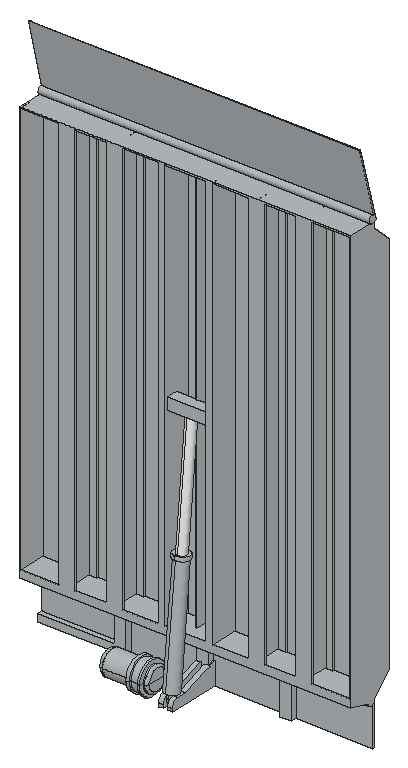
Revit family "DockEquipment_Leveler_Pentalift_HUV", category Specialty Equipment, host Face, Revit 2026
Family settings
  Host = Face
  Round Connector Dimension = Use Diameter
  Part Type = Normal
  Enable Cutting in Views = No
  Cut with Voids When Loaded = No
  Maintain Annotation Orientation = No
  Shared = No
  Room Calculation Point = No
Parameters
  YTotal [instance] = InclHeight + Unit Depth - 0' 2 1/4"  # 4' - 5 15/16"
  XDim [instance] = ((((Platform Length / 2) - 0' 0 3/4") * cos(Incline Angle)) + (0' 3 3/4" * sin(Incline Angle))) - 0' 10 1/8" + 0' 0 3/4"  # -0' - 5 5/8"
  Warranty Duration (Years) = 0
  Unit Width = 6' - 0"
  Unit Depth = 0' - 10"
  URL = "http://www.pentalift.com/index.php"
  Test Data = ""
  Specification = ""
  SpecWizard = ""
  Send Message = "http://www.arcat.com/users.pl?action=UserEmail&company=Pentalift Equipment Corp.&coid=34752&rep=119&fax=519-763-2894&mf="
  Sales Information = "http://www.pentalift.com/about-us.htm"
  Revision = "R1_1_2012"
  Product Properties = ""
  Product Data = "http://www.arcat.com/arcatcos/cos34/arc34752.html"
  Pit Length = 8' - 0"
  PistonAngle [instance] = if(PA < 0.00°, (90.00° - abs(PA)) + 90.00°, PA)  # 95.9537°
  Piston Length [instance] = abs(XDim / cos(PA))  # 4' - 6.23002"
  PL/2 [instance] = Piston Length / 2  # 2' - 3.11501"
  Platform Length = 7' - 9 7/8"
  PA [instance] = atan(YTotal / XDim)  # -84.0463°
  Model = "As Specified"
  Material = Metal - Steel - Pentalift - Painted - Gray
  Manufacturer Website = "http://www.pentalift.com/index.php"
  Manufacturer Phone - Toll Free = ""
  Manufacturer Phone = "519-763-3625"
  Manufacturer Fax = "519-763-2894"
  Manufacturer Address = "21 Nicholas Beaver Rd. Guelph, ON, Canada N1H 6H9 "
  Manufacturer = "Pentalift Equipment Corp."
  Maintenance Schedule (Months) = 0
  Lip Length [instance] = 1' - 4"
  Lip Angle [instance] = 0.00°
  Keynote = "11160"
  Installation-Fabrication = ""
  Installation Phase = ""
  Incline Angle [instance] = 90.00°
  InclHeight [instance] = (((Platform Length / 2) - 0' 0 3/4") * sin(Incline Angle)) - (0' 3 3/4" * cos(Incline Angle))  # 3' - 10 3/16"
  Green Building-LEED = ""
  Pit Extension Right [instance] = 0' - 0"
  Pit Extension Left [instance] = 0' - 0"
  Expected Lifespan (Years) = 0
  Drawn By = "Sumex Design, Inc. / Robert S. Weygant, CSI, CDT, SCIP"
  Description = "Pentalift Dock Equipment as Specified"
  Default Elevation = 4' - 0"
  Copyright = "©Arcat Inc."
  Construction Details = "http://www.arcat.com/details/pentalif/pentalif.html?coid=34752"
  Capacity (Weight) = 100.00 kip
  Building Codes = ""
  Assembly Code = "E1030300"
Reference planes (in)
  plane 1 "Center (Front/Back)": y = 0
  plane 2: z = 0
  plane 3 "Center (Left/Right)": x = 0
  plane 4: y = 48
  plane 5: y = -48
  plane 6: x = -36
  plane 7: x = 36
  plane 8: z = -10
  plane 9: x = -18
  plane 10: x = 18
  plane 11: y = 37.875
  plane 12: z = -8.5
  plane 13: z = -6
  plane 14: x = -36
  plane 15: x = 36
Forms (in)
  Extrusion 1, void
    sketch origin (0, 0, 0) x (1, 0, 0) y (0, 1, 0)
      loop
        line (-36, -48) -> (36, -48) -> (36, 48) -> (-36, 48) -> (-36, -48)
    from 0 to -10
  Sweep 2, solid, material "Metal - Steel - Pentalift - Painted - Gray" <- "Material"
    path origin (-11.83813, 48, 48) x (-1, 0, 0) y (0, 0, 1)
      loop
        line (6.16187, -58) -> (6.16187, -49.5)
    profile origin (-18, 48, -5.75) x (1, 0, 0) y (0, 1, 0)
      loop
        line (-1.25, -0.25) -> (-1.25, -1.5) -> (1.25, -1.5) -> (1.25, -0.25) -> (-1.25, -0.25)
  Sweep 3, solid, material "Metal - Steel - Pentalift - Painted - Gray" <- "Material"
    path origin (24.16187, 48, 48) x (-1, 0, 0) y (0, 0, 1)
      loop
        line (6.16187, -58) -> (6.16187, -49.5)
    profile origin (18, 48, -5.75) x (1, 0, 0) y (0, 1, 0)
      loop
        line (-1.25, -0.25) -> (-1.25, -1.5) -> (1.25, -1.5) -> (1.25, -0.25) -> (-1.25, -0.25)
  Revolve 4, solid, material "Metal - Steel - Pentalift - Painted - Gray" <- "Material"
    sketch origin (0, 37.875, -8.5) x (0, 0.103725, 0.994606) y (0, -0.994606, 0.103725)
      loop
        line (1.25, 0) -> (27.11501, 0) -> (27.11501, 1.75) -> (26.36501, 1.75) -> (26.36501, 1.5) -> (1.25, 1.5) -> (1.25, 0)
      axis (1.25, 0) -> (27.11501, 0)
    angle from 0 to 360
  Revolve 5, solid, material "Metal - Chrome - Pentalift - Polished"
    sketch origin (0, 37.875, -8.5) x (0, 0.103725, 0.994606) y (0, -0.994606, 0.103725)
      loop
        line (27.11501, 0) -> (54.23002, 0) -> (54.23002, 1) -> (27.11501, 1) -> (27.11501, 0)
      axis (27.11501, 0) -> (54.23002, 0)
    angle from 0 to 360
  Extrusion 6, solid, material "Metal - Steel - Pentalift - Painted - Gray" <- "Material"
    sketch origin (-11.83813, 48, 48) x (-1, 0, 0) y (0, 0, 1)
      loop
        line (24.16187, -49.5) -> (-47.83813, -49.5) -> (-47.83813, -58) -> (24.16187, -58) -> (24.16187, -49.5)
    from 0 to -0.25
  Extrusion 7, solid, material "Metal - Steel - Pentalift - Painted - Gray" <- "Material"
    sketch origin (-15.17702, -180, -10) x (-1, 0, 0) y (0, -1, 0)
      loop
        line (4.07298, -226.5) -> (4.07298, -227.75) -> (20.82298, -227.75) -> (20.82298, -226.5) -> (4.07298, -226.5)
    from 0 to 1.5
  Extrusion 8, solid, material "Metal - Steel - Pentalift - Painted - Gray" <- "Material"
    sketch origin (0, 0, 0) x (0, 1, 0) y (0, 0, 1)
      loop
        line (48, -10) -> (48, -4.90162) -> (39.87356, -7.875) -> (37.875, -7.875)
        arc (37.875, -7.875) -> (36.81434, -8.31434) -> (36.375, -9.375) r 1.5
        line (36.375, -9.375) -> (36.375, -10) -> (48, -10)
    from 0.5 to 1.5
  Sweep 9, solid, material "Metal - Steel - Pentalift - Painted - Gray" <- "Material"
    path origin (6.16187, 48, 48) x (-1, 0, 0) y (0, 0, 1)
      loop
        line (6.16187, -58) -> (6.16187, -49.5)
    profile origin (0, 48, -5.75) x (1, 0, 0) y (0, 1, 0)
      loop
        line (-1.25, -0.25) -> (-1.25, -1.5) -> (1.25, -1.5) -> (1.25, -0.25) -> (-1.25, -0.25)
  Revolve 10, solid, material "Metal - Steel - Pentalift - Painted - Gray" <- "Material"
    sketch origin (19.5, -180, -6) x (-1, 0, 0) y (0, -1, 0)
      loop
        line (22.5, -217.875) -> (22.5, -220.125)
        arc (22.5, -220.125) -> (22.64645, -220.47855) -> (23, -220.625) r 0.5
        line (23, -220.625) -> (23.5, -220.625) -> (23.5, -221.375) -> (24, -221.375) -> (24, -221.125) -> (25.75, -221.125) -> (25.75, -221.375) -> (26.5, -221.375) -> (26.5, -220.625) -> (32.25, -220.625)
        arc (32.25, -220.625) -> (32.95711, -220.33211) -> (33.25, -219.625) r 1
        line (33.25, -219.625) -> (33.25, -217.875) -> (22.5, -217.875)
      axis (22.5, -217.875) -> (33.25, -217.875)
    angle from 0 to 360
  Extrusion 11, solid, material "Metal - Steel - Pentalift - Painted - Gray" <- "Material"
    sketch origin (0, 37.875, -8.5) x (0, 0.103725, 0.994606) y (0, -0.994606, 0.103725)
      loop
        line (1.25, 1) -> (0, 1)
        arc (0, 1) -> (-1, 0) -> (0, -1) r 1
        line (0, -1) -> (1.25, -1) -> (1.25, 1)
    from -0.25 to 0.25
  Extrusion 12, solid, material "Metal - Steel - Pentalift - Painted - Gray" <- "Material"
    sketch origin (0, 0, 0) x (0, 1, 0) y (0, 0, 1)
      loop
        line (48, -10) -> (48, -4.90162) -> (39.87356, -7.875) -> (37.875, -7.875)
        arc (37.875, -7.875) -> (36.81434, -8.31434) -> (36.375, -9.375) r 1.5
        line (36.375, -9.375) -> (36.375, -10) -> (48, -10)
    from -0.5 to -1.5
Cuts and joins
  joined: Sweep 2, Sweep 3, Extrusion 6, Extrusion 7, Extrusion 8, Sweep 9, Extrusion 12
  joined: Revolve 4, Extrusion 11
Lines and regions (in)
  reference lines
    curve 1: line (0, 47.25, -0.75) -> (0, 47.25, 75.25)
    curve 2: line (0, 37.875, -8.5) -> (0, 43.37242, 44.21412)
Text (in)
  text "Needs electrical connection - assume this would connect to hydraulic motor..." at (51.60765, 15.26914, 0), in view "Ref. Level"
Dimensions and locks (in)
  "Unit Depth": level to plane 8
  equal spacing: plane 4, plane 1 "Center (Front/Back)", plane 5
  equal spacing: plane 6, plane 3 "Center (Left/Right)", plane 7
  "Unit Width": plane 6 to plane 7
  equal spacing: plane 6, plane 9, plane 3 "Center (Left/Right)"
  locked: plane 4 to plane 11 at 10.125
  locked: plane 12 to plane 8 at 1.5
  equal spacing: plane 3 "Center (Left/Right)", plane 10, plane 7
  "PL/2": curve 2 to Revolve 4 sketch curve
  locked: Revolve 4 sketch curve to Revolve 4 sketch curve at 0.75
  "PL/2": Revolve 5 sketch curve to curve 2
  "Piston Length": curve 2 to Revolve 5 sketch curve
  locked: plane 13 to plane 12 at 2.5
  "Pit Length": plane 4 to plane 5
  "Pit Extension Right": plane 7 to plane 15
  "Pit Extension Left": plane 14 to plane 6
  locked: plane 4 to curve 1 at 0.75
  locked: level to curve 1 at 0.75
  locked: Revolve 10 sketch curve to plane 3 "Center (Left/Right)" at 13.75
  "Incline Angle": angle level to curve 1
  "PistonAngle": angle plane 12 to curve 2
  aligned and locked: plane 2 to host face
  aligned and locked: level to host face
  aligned and locked: Extrusion 1 to plane 8
Automatic sketch dimensions
  host sketch curve to host sketch curve = 8' - 0"
  host sketch curve to host sketch curve = 9' - 11.43093"
  Extrusion 1 sketch curve to plane 4 = 0' - 0"
  Extrusion 1 sketch curve to plane 14 = 0' - 0"
  Extrusion 1 sketch curve to plane 5 = 0' - 0"
  Extrusion 1 sketch curve to plane 15 = 0' - 0"
  curve 2 to plane 11 = 0' - 0"
  curve 2 to plane 12 = 0' - 0"
  Sweep 2 sketch curve to plane 9 = 0' - 0"
  Sweep 2 sketch curve to plane 8 = 0' - 0"
  Sweep 2 sketch curve to level = 0' - 1 1/2"
  profile plane to Sweep 2 sketch curve = 0' - 1 1/4"
  Sweep 2 sketch curve to profile plane = 0' - 1 1/4"
  Sweep 2 sketch curve to plane 4 = 0' - 1 1/2"
  Sweep 2 sketch curve to plane 4 = 0' - 0 1/4"
  Sweep 3 sketch curve to plane 10 = 0' - 0"
  Sweep 3 sketch curve to plane 8 = 0' - 0"
  Sweep 3 sketch curve to level = 0' - 1 1/2"
  profile plane to Sweep 3 sketch curve = 0' - 1 1/4"
  Sweep 3 sketch curve to profile plane = 0' - 1 1/4"
  Sweep 3 sketch curve to plane 4 = 0' - 1 1/2"
  Sweep 3 sketch curve to plane 4 = 0' - 0 1/4"
  Revolve 5 sketch curve to curve 2 = 0' - 0"  (x2)
  Revolve 5 sketch curve to curve 2 = 0' - 1"
  Revolve 5 sketch curve to Revolve 5 sketch curve = 0' - 5 1/2"
  Revolve 5 sketch curve to Revolve 5 sketch curve = 0' - 1"
  Extrusion 6 sketch curve to plane 7 = 0' - 0"
  Extrusion 6 sketch curve to plane 6 = 0' - 0"
  Extrusion 6 sketch curve to plane 8 = 0' - 0"
  Extrusion 6 sketch curve to level = 0' - 1 1/2"
  Extrusion 7 sketch curve to plane 6 = 0' - 0"
  Extrusion 7 sketch curve to plane 9 = 0' - 1 1/4"
  Extrusion 7 sketch curve to plane 4 = 0' - 0 1/4"
  Extrusion 7 sketch curve to Extrusion 7 sketch curve = 0' - 1 1/4"
  Sweep 9 sketch curve to plane 3 "Center (Left/Right)" = 0' - 0"
  Sweep 9 sketch curve to plane 8 = 0' - 0"
  Sweep 9 sketch curve to level = 0' - 1 1/2"
  profile plane to Sweep 9 sketch curve = 0' - 1 1/4"
  Sweep 9 sketch curve to profile plane = 0' - 1 1/4"
  Sweep 9 sketch curve to plane 4 = 0' - 1 1/2"
  Sweep 9 sketch curve to plane 4 = 0' - 0 1/4"
  Extrusion 8 sketch curve to plane 8 = 0' - 0"
  Extrusion 11 sketch curve to curve 2 = 0' - 0"  (x3)
  curve 2 to Extrusion 11 sketch curve = 0' - 1"
  curve 2 to Extrusion 11 sketch curve = 0' - 1 1/4"
  Extrusion 12 sketch curve to plane 8 = 0' - 0"
  Extrusion 12 sketch curve to plane 11 = 0' - 0"
  Extrusion 12 sketch curve to plane 4 = 0' - 0"
  Extrusion 12 sketch curve to plane 13 = 0' - 1 7/8"
  Extrusion 12 sketch curve to plane 4 = 0' - 8.12644"
  plane 13 to Extrusion 12 sketch curve = 0' - 1.09838"
  Extrusion 12 sketch curve to plane 12 = 0' - 0 7/8"
  Revolve 4 sketch curve to curve 2 = 0' - 0"  (x2)
  curve 2 to Revolve 4 sketch curve = 0' - 1 1/4"
  Revolve 4 sketch curve to curve 2 = 0' - 1"
  Revolve 4 sketch curve to Revolve 4 sketch curve = 0' - 5 1/2"
  curve 2 to Revolve 4 sketch curve = 0' - 1 1/2"
  Revolve 4 sketch curve to Revolve 4 sketch curve = 0' - 0 1/4"
  plane 12 to Extrusion 8 sketch curve = 0' - 0 5/8"
  Extrusion 8 sketch curve to plane 11 = 0' - 1.99856"
  plane 13 to Extrusion 8 sketch curve = 0' - 1.09838"
  Extrusion 8 sketch curve to plane 11 = 0' - 0"
  plane 8 to Extrusion 8 sketch curve = 0' - 0 5/8"
  Extrusion 8 sketch curve to plane 4 = 0' - 0"
  Revolve 10 sketch curve to plane 11 = 0' - 0"  (x2)
  Revolve 10 sketch curve to plane 9 = 0' - 0"
  Revolve 10 sketch curve to Revolve 10 sketch curve = 0' - 1"
  Revolve 10 sketch curve to Revolve 10 sketch curve = 0' - 5 3/4"
  Revolve 10 sketch curve to Revolve 10 sketch curve = 0' - 0 3/4"  (x2)
  Revolve 10 sketch curve to Revolve 10 sketch curve = 0' - 1 3/4"
  Revolve 10 sketch curve to Revolve 10 sketch curve = 0' - 0 1/2"  (x4)
  Revolve 10 sketch curve to Revolve 10 sketch curve = 0' - 1 1/4"
  Revolve 10 sketch curve to plane 11 = 0' - 1 3/4"
  Revolve 10 sketch curve to plane 11 = 0' - 2 1/4"
  Revolve 10 sketch curve to Revolve 10 sketch curve = 0' - 0 1/4"
Nested families (in)
  nested 1: "Platform_HUV" at (0, 47.25, 45.4375) x (1, 0, 0) z (0, 1, 0), Material <- "Material", Unit Width <- "Unit Width", Unit Length <- "Platform Length", Lip Length <- "Lip Length", Lip Angle <- "Lip Angle", type "Platform_HUV"
    with offset 0' - 0", ll 1' - 3 1/4", Unit Width 6' - 0", Unit Length 7' - 9 7/8", Material Metal - Steel - Pentalift - Painted - Gray, Lip Length 1' - 4", Lip Angle 0.00°, FlapLength 3' - 4 15/16"
Definition of nested family "Platform_HUV"
  Parameters
    offset [instance] = 0' - 0"
    ll [instance] = Lip Length - 0' 0 3/4"  # 1' - 3 1/4"
    Warranty Duration (Years) = 0
    Unit Width [instance] = 6' - 0"
    Unit Length [instance] = 10' - 0"
    Unit Depth = 0' - 6 1/4"
    URL = "http://www.pentalift.com/index.php"
    Specification = ""
    SpecWizard = ""
    Send Message = "http://www.arcat.com/users.pl?action=UserEmail&company=Pentalift Equipment Corp.&coid=34752&rep=119&fax=519-763-2894&mf="
    Sales Information = "http://www.pentalift.com/about-us.htm"
    Revision = "R1_01-2012"
    Product Properties = ""
    Product Data = "http://www.arcat.com/arcatcos/cos34/arc34752.html"
    Model = "As Specified"
    Material [instance] = none
    Manufacturer Website = "http://www.pentalift.com/index.php"
    Manufacturer Phone - Toll Free = ""
    Manufacturer Phone = "519-763-3625 "
    Manufacturer Fax = "519-763-2894"
    Manufacturer Address = "21 Nicholas Beaver Rd. Guelph, ON, Canada N1H 6H9 "
    Manufacturer = "Pentalift Equipment Corp."
    Maintenance Schedule (Months) = 0
    Lip Length [instance] = 1' - 4"
    Lip Angle [instance] = 15.00°
    Keynote = "11160"
    Installation-Fabrication = ""
    Installation Phase = ""
    Green Building-LEED = ""
    FlapLength [instance] = (Unit Length / 2) - 0' 6"  # 4' - 6"
    Expected Lifespan (Years) = 0
    Drawn By = "Sumex Design, Inc. / Robert S. Weygant, CSI, CDT, SCIP"
    Description = "Pentalift Dock Equipment as Specified"
    Default Elevation = 4' - 0"
    Copyright = "©Arcat Inc."
    Construction Details = "http://www.arcat.com/details/pentalif/pentalif.html?coid=34752"
    Assembly Code = "E1030300"
  Reference planes (in)
    plane 1 "Center (Front/Back)": y = 0
    plane 2 "Bottom": z = 0
    plane 3 "Center (Left/Right)": x = 0
    plane 4 "Front": y = -60
    plane 5 "Back": y = 60
    plane 6 "Left": x = -36
    plane 7 "Right": x = 36
    plane 8 "Top": z = -5.5
    plane 9: y = -60.75
    plane 10: x = -25.71429
    plane 11: x = -15.42857
    plane 12: x = -5.14286
    plane 13: x = 5.14286
    plane 14: x = 15.42857
    plane 15: x = 25.71429
    plane 16: z = 0.75
    plane 17: y = 59.25
  Forms (in)
    Extrusion 1, solid, material <- "Material"
      sketch origin (0, 67, 0.75) x (0, 1, 0) y (-1, 0, 0)
        loop
          line (-7.3404, 36) -> (-127, 36) -> (-127, -36) -> (-7.3404, -36) -> (-7.3404, 36)
      from 0 to -0.25
    Extrusion 2, solid, material <- "Material"
      sketch origin (-11.94222, -60, 48) x (-1, 0, 0) y (0, 0, 1)
        loop
          line (24.05778, -47.25) -> (-47.94222, -47.25) -> (-47.94222, -53.5) -> (24.05778, -53.5) -> (24.05778, -47.25)
      from 0 to 0.25
    Extrusion 3, solid, material <- "Material"
      sketch origin (-36, 16.34522, 48) x (0, 1, 0) y (0, 0, 1)
        loop
          line (43.31438, -47.25) -> (-76.34522, -47.25) -> (-76.34522, -53.5) -> (41.54078, -53.5) -> (42.88877, -48.74983)
          arc (42.88877, -48.74983) -> (43.62138, -48.22132) -> (43.31438, -47.37173) r 0.75
          line (43.31438, -47.37173) -> (43.31438, -47.25)
      from 0 to 0.25
    Extrusion 4, solid, material <- "Material"
      sketch origin (36, 16.34522, 48) x (0, 1, 0) y (0, 0, 1)
        loop
          line (43.31438, -47.25) -> (-76.34522, -47.25) -> (-76.34522, -53.5) -> (41.54078, -53.5) -> (42.88877, -48.74983)
          arc (42.88877, -48.74983) -> (43.62138, -48.22132) -> (43.31438, -47.37173) r 0.75
          line (43.31438, -47.37173) -> (43.31438, -47.25)
      from 0 to -0.25
    Extrusion 5, solid, material <- "Material"
      sketch origin (0, -60.75, 0.25) x (0, -0.965926, -0.258819) y (0, 0.258819, -0.965926)
        loop
          line (-0.75, -0.75) -> (15.25, -0.75) -> (15.25, -0.5) -> (0.55902, -0.5)
          arc (0.55902, -0.5) -> (0, 0.75) -> (-0.55902, -0.5) r 0.75
          line (-0.55902, -0.5) -> (-0.75, -0.5) -> (-0.75, -0.75)
      from -36 to 36
    Extrusion 6, solid, material <- "Material"
      sketch origin (-11.94222, -60, 48) x (-1, 0, 0) y (0, 0, 1)
        loop
          line (-6.04936, -47.5) -> (-7.54936, -47.5) -> (-7.54936, -53.5) -> (-6.04936, -53.5) -> (-6.04936, -47.5)
        loop
          line (-16.33507, -47.5) -> (-17.83507, -47.5) -> (-17.83507, -53.5) -> (-16.33507, -53.5) -> (-16.33507, -47.5)
        loop
          line (-11.81722, -48.25) -> (-12.06722, -48.25) -> (-12.06722, -50.5) -> (-11.81722, -50.5) -> (-11.81722, -48.25)
        loop
          line (5.23635, -47.49673) -> (1.73635, -47.49673) -> (1.73635, -47.74673) -> (3.36135, -47.74673) -> (3.36135, -53.25) -> (1.73635, -53.25) -> (1.73635, -53.5) -> (5.23635, -53.5) -> (5.23635, -53.25) -> (3.61135, -53.25) -> (3.61135, -47.74673) -> (5.23635, -47.74673) -> (5.23635, -47.49673)
        loop
          line (-25.62079, -47.49673) -> (-29.12079, -47.49673) -> (-29.12079, -47.74673) -> (-27.49579, -47.74673) -> (-27.49579, -53.25) -> (-29.12079, -53.25) -> (-29.12079, -53.5) -> (-25.62079, -53.5) -> (-25.62079, -53.25) -> (-27.24579, -53.25) -> (-27.24579, -47.74673) -> (-25.62079, -47.74673) -> (-25.62079, -47.49673)
        loop
          line (-35.9065, -47.49673) -> (-39.4065, -47.49673) -> (-39.4065, -47.74673) -> (-37.7815, -47.74673) -> (-37.7815, -53.25) -> (-39.4065, -53.25) -> (-39.4065, -53.5) -> (-35.9065, -53.5) -> (-35.9065, -53.25) -> (-37.5315, -53.25) -> (-37.5315, -47.74673) -> (-35.9065, -47.74673) -> (-35.9065, -47.49673)
        loop
          line (15.52207, -47.49673) -> (12.02207, -47.49673) -> (12.02207, -47.74673) -> (13.64707, -47.74673) -> (13.64707, -53.25) -> (12.02207, -53.25) -> (12.02207, -53.5) -> (15.52207, -53.5) -> (15.52207, -53.25) -> (13.89707, -53.25) -> (13.89707, -47.74673) -> (15.52207, -47.74673) -> (15.52207, -47.49673)
      from 0 to 116.25
    Extrusion 7, solid, material <- "Material"
      sketch origin (-36, 16.34522, 48) x (0, 1, 0) y (0, 0, 1)
        loop
          line (41.54078, -53.5) -> (42.88877, -48.74983)
          arc (42.88877, -48.74983) -> (43.62138, -48.22132) -> (43.31438, -47.37173) r 0.75
          line (43.31438, -47.37173) -> (43.31438, -47.25) -> (39.90478, -47.25) -> (39.90478, -53.5) -> (41.54078, -53.5)
      from 0 to 72
    Extrusion 8, solid, material <- "Material"
      sketch origin (-5.14286, 53.27337, 48) x (0, 1, 0) y (0, 0, 1)
        loop
          line (-52.02337, -50.5) -> (-54.52337, -50.5) -> (-54.52337, -53) -> (-52.02337, -53) -> (-52.02337, -50.5)
      from 0 to 10.28571
    Extrusion 9, solid, material <- "Material"
      sketch origin (-36, 16.34522, 48) x (0, 1, 0) y (0, 0, 1)
        loop
          line (42.65478, -47.25) -> (38.65478, -43.25) -> (-71.34522, -43.25) -> (-75.34522, -47.25) -> (42.65478, -47.25)
      from 0 to 0.25
    Extrusion 10, solid, material <- "Material"
      sketch origin (36, 16.34522, 48) x (0, 1, 0) y (0, 0, 1)
        loop
          line (42.65478, -47.25) -> (38.65478, -43.25) -> (-71.34522, -43.25) -> (-75.34522, -47.25) -> (42.65478, -47.25)
      from 0 to -0.25
  Cuts and joins
    joined: Extrusion 1, Extrusion 2, Extrusion 3, Extrusion 4, Extrusion 6, Extrusion 7, Extrusion 8, Extrusion 9, Extrusion 10
  Lines and regions (in)
    reference lines
      curve 1: line (0, -60.75, 0.25) -> (0, -85.86407, -6.4793)
      curve 2: line (0, -60.75, 0.25) -> (0, -61.33234, 2.42333)
  Dimensions and locks (in)
    equal spacing: plane 6 "Left", plane 3 "Center (Left/Right)", plane 7 "Right"
    "Unit Width": plane 6 "Left" to plane 7 "Right"
    equal spacing: plane 5 "Back", plane 1 "Center (Front/Back)", plane 4 "Front"
    "Unit Length": plane 5 "Back" to plane 4 "Front"
    locked: plane 4 "Front" to plane 9 at 0.75
    equal spacing: plane 6 "Left", plane 10, plane 11, plane 12, plane 13, plane 14, plane 15, plane 7 "Right"
    locked: curve 1 to level at 0.25
    "ll": Extrusion 5 sketch curve to curve 2
    locked: curve 2 to Extrusion 5 sketch curve at 0.75
    locked: plane 16 to level at 0.75
    "Unit Depth": plane 16 to plane 8 "Top"
    locked: plane 5 "Back" to plane 17 at 0.75
    locked: plane 17 to cut or joined group of Extrusion 1, Extrusion 2, Extrusion 3, Extrusion 4, Extrusion 6, Extrusion 7, Extrusion 8, Extrusion 9, Extrusion 10 at 3
    aligned and locked: Extrusion 5 to plane 6 "Left"
    aligned and locked: Extrusion 5 to plane 7 "Right"
    aligned and locked: plane 7 "Right" to Extrusion 7
    aligned and locked: plane 13 to Extrusion 8
    aligned: Extrusion 6 sketch curve to Extrusion 6 sketch curve
  Automatic sketch dimensions
    curve 2 to curve 1 = 0' - 0"  (x2)
    curve 2 to curve 1 = 0' - 2 1/4"
    Extrusion 5 sketch curve to curve 1 = 0' - 0"  (x2)
    curve 1 to Extrusion 5 sketch curve = 0' - 0 1/2"
    curve 1 to Extrusion 5 sketch curve = 0' - 0 3/4"
    Extrusion 5 sketch curve to Extrusion 5 sketch curve = 0' - 0 1/4"
    Extrusion 5 sketch curve to Extrusion 5 sketch curve = 0' - 0"
    curve 1 to plane 9 = 0' - 0"
    curve 1 to plane 8 "Top" = 0' - 0.9793"
    plane 9 to curve 1 = 2' - 1.11407"
    Extrusion 2 sketch curve to plane 7 "Right" = 0' - 0"
    Extrusion 2 sketch curve to plane 6 "Left" = 0' - 0"
    Extrusion 2 sketch curve to plane 8 "Top" = 0' - 0"
    Extrusion 2 sketch curve to plane 16 = 0' - 0"
    Extrusion 1 sketch curve to plane 4 "Front" = 0' - 0"
    Extrusion 1 sketch curve to plane 5 "Back" = 0' - 0.3404"
    Extrusion 1 sketch curve to plane 7 "Right" = 0' - 0"
    Extrusion 1 sketch curve to plane 6 "Left" = 0' - 0"
    Extrusion 3 sketch curve to plane 4 "Front" = 0' - 0"
    Extrusion 3 sketch curve to plane 8 "Top" = 0' - 0"
    Extrusion 3 sketch curve to level = 0' - 0"
    Extrusion 3 sketch curve to plane 17 = 0' - 0"
    plane 17 to Extrusion 3 sketch curve = 0' - 1.364"
    plane 17 to Extrusion 3 sketch curve = 0' - 0.01602"
    Extrusion 3 sketch curve to plane 16 = 0' - 0"
    Extrusion 3 sketch curve to plane 16 = 0' - 0.12173"
    Extrusion 4 sketch curve to plane 4 "Front" = 0' - 0"
    Extrusion 4 sketch curve to plane 8 "Top" = 0' - 0"
    Extrusion 4 sketch curve to level = 0' - 0"
    Extrusion 4 sketch curve to plane 17 = 0' - 0"
    Extrusion 4 sketch curve to plane 16 = 0' - 0"
    plane 17 to Extrusion 4 sketch curve = 0' - 1.364"
    plane 17 to Extrusion 4 sketch curve = 0' - 0.01602"
    Extrusion 4 sketch curve to plane 5 "Back" = 0' - 0.3404"
    Extrusion 4 sketch curve to level = 0' - 0.74983"
    Extrusion 7 sketch curve to plane 8 "Top" = 0' - 0"
    Extrusion 7 sketch curve to plane 16 = 0' - 0"
    Extrusion 7 sketch curve to level = 0' - 0"
    Extrusion 7 sketch curve to plane 17 = 0' - 0"
    plane 17 to Extrusion 7 sketch curve = 0' - 0.01602"
    plane 17 to Extrusion 7 sketch curve = 0' - 1.364"
    plane 17 to Extrusion 7 sketch curve = 0' - 3"
    Extrusion 7 sketch curve to plane 16 = 0' - 0.12173"
    Extrusion 7 sketch curve to plane 5 "Back" = 0' - 0.3404"
    plane 1 "Center (Front/Back)" to Extrusion 8 sketch curve = 0' - 1 1/4"
    plane 8 "Top" to Extrusion 8 sketch curve = 0' - 0 1/2"
    Extrusion 8 sketch curve to plane 1 "Center (Front/Back)" = 0' - 1 1/4"
    Extrusion 8 sketch curve to level = 0' - 2 1/2"
    Extrusion 9 sketch curve to plane 16 = 0' - 0"
    plane 4 "Front" to Extrusion 9 sketch curve = 0' - 1"
    plane 4 "Front" to Extrusion 9 sketch curve = 0' - 5"
    plane 17 to Extrusion 9 sketch curve = 0' - 4 1/4"
    plane 17 to Extrusion 9 sketch curve = 0' - 0 1/4"
    plane 16 to Extrusion 9 sketch curve = 0' - 4"
    Extrusion 10 sketch curve to plane 16 = 0' - 0"
    plane 4 "Front" to Extrusion 10 sketch curve = 0' - 1"
    plane 4 "Front" to Extrusion 10 sketch curve = 0' - 5"
    plane 17 to Extrusion 10 sketch curve = 0' - 4 1/4"
    plane 17 to Extrusion 10 sketch curve = 0' - 0 1/4"
    plane 16 to Extrusion 10 sketch curve = 0' - 4"
    Extrusion 6 sketch curve to plane 8 "Top" = 0' - 0"  (x6)
    plane 8 "Top" to Extrusion 6 sketch curve = 0' - 0 1/4"  (x4)
    plane 15 to Extrusion 6 sketch curve = 0' - 1 3/4"  (x2)
    Extrusion 6 sketch curve to plane 16 = 0' - 0.24673"  (x4)
    plane 15 to Extrusion 6 sketch curve = 0' - 0 1/8"
    Extrusion 6 sketch curve to plane 15 = 0' - 0 1/8"
    level to Extrusion 6 sketch curve = 0' - 0.25327"  (x4)
    Extrusion 6 sketch curve to Extrusion 6 sketch curve = 0' - 1 5/8"  (x8)
    plane 14 to Extrusion 6 sketch curve = 0' - 1 3/4"  (x2)
    plane 14 to Extrusion 6 sketch curve = 0' - 0 1/8"
    Extrusion 6 sketch curve to plane 14 = 0' - 0 1/8"
    Extrusion 6 sketch curve to plane 16 = 0' - 0 1/4"  (x2)
    plane 13 to Extrusion 6 sketch curve = 0' - 0 3/4"
    Extrusion 6 sketch curve to plane 13 = 0' - 0 3/4"
    plane 3 "Center (Left/Right)" to Extrusion 6 sketch curve = 0' - 0 1/8"
    Extrusion 6 sketch curve to plane 3 "Center (Left/Right)" = 0' - 0 1/8"
    plane 12 to Extrusion 6 sketch curve = 0' - 0 3/4"
    Extrusion 6 sketch curve to plane 12 = 0' - 0 3/4"
    plane 11 to Extrusion 6 sketch curve = 0' - 1 3/4"  (x2)
    plane 11 to Extrusion 6 sketch curve = 0' - 0 1/8"
    Extrusion 6 sketch curve to plane 11 = 0' - 0 1/8"
    Extrusion 6 sketch curve to Extrusion 6 sketch curve = 0' - 0"  (x2)
    Extrusion 6 sketch curve to Extrusion 6 sketch curve = 0' - 0 1/4"  (x6)
    Extrusion 6 sketch curve to level = 0' - 2 1/2"
    Extrusion 6 sketch curve to level = 0' - 0 1/4"
    plane 10 to Extrusion 6 sketch curve = 0' - 1 3/4"  (x2)
    plane 10 to Extrusion 6 sketch curve = 0' - 0 1/8"
    Extrusion 6 sketch curve to plane 10 = 0' - 0 1/8"
    radius of Extrusion 5 sketch curve = 0' - 0 3/4"
    radius of Extrusion 3 sketch curve = 0' - 0 3/4"
